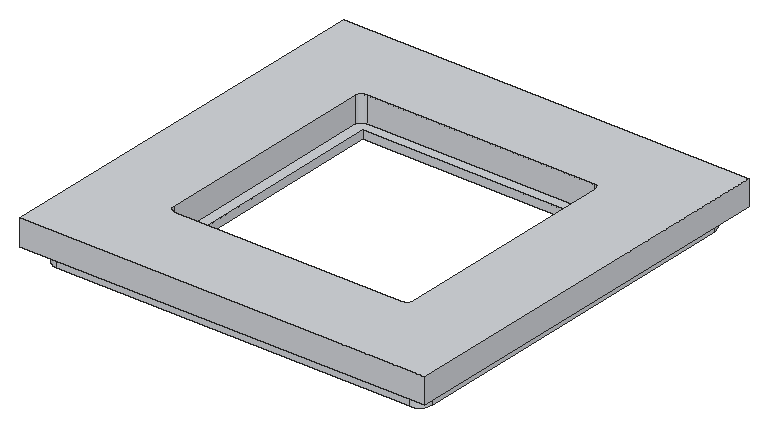
Revit family "Gira_0211223", category Electrical Fixtures, host Face, Revit 2017
Family settings
  Host = Face
  Maintain Annotation Orientation = No
  Round Connector Dimension = Use Diameter
  Part Type = Normal
  Cut with Voids When Loaded = No
  Shared = No
  Room Calculation Point = No
Parameters (values of type "Abdeckrahmen 1f Gira Esprit Lin.Mpx.Dklbraun")
  Werkstoffgüte = "sonstige"
  Werkstoff = "sonstige"
  URL = "http://katalog.gira.de/de_DE/datenblatt.html?artikelnr=0211223"
  Transparent = "No"
  Textfeld/Beschriftungsfläche = "No"
  Schutzart (IP) = "IP20"
  Region = "DE"
  Oberfläche = "sonstige"
  Name = "Abdeckrahmen 1f Gira Esprit Lin.Mpx.Dklbraun"
  Montagerichtung = "horizontal und vertikal"
  Mit Montagerahmen = "No"
  Mit Klappdeckel = "No"
  Manufacturer URL = "https://www.gira.de/"
  Keynote = "Espr._Rahmen_1fach"
  HeinzeBIM = "https://bimportal.heinze.de/bim/abdeckrahmen-1f-gira-esprit-lin-mpx-dklbraun/6e3c5174b9d216a2fca2580175dc1bd2c256d30f"
  Halogenfrei = "No"
  HAN = "0211223"
  Geeignet für Unterputz-Installation = "Yes"
  Geeignet für Unterflurkanaldose = "No"
  Geeignet für Geräteeinbaukanal = "No"
  Geeignet für Einbauinstallation = "No"
  GTIN = "4010337015932"
  Farbe = "sonstige"
  Default Elevation = 1219.2 mm
  Data sheet (1) = "https://katalog.gira.de/de_DE/download.html?artikelnr=0211223"
  Category = "Abdeckrahmen"
  Befestigungsart = "Klemmbefestigung"
  Available = "Yes"
  Anzahl der Einheiten vertikal = "1 "
  Anzahl der Einheiten horizontal = "1 "
  Anzahl der Einheiten = "1 "
Reference planes
  plane 1 "Center (Front/Back)": y = 0
  plane 2: z = 0
  plane 3 "Center (Left/Right)": x = 0
Forms (mm)
  Extrusion 1, solid, detail levels fine
    sketch origin (0, 0, 0) x (1, 0, 0) y (0, 1, 0)
      loop
        line (-47.5, 47.5) -> (-47.5, -47.5) -> (47.5, -47.5) -> (47.5, 47.5) -> (-47.5, 47.5)
      loop
        arc (-28.2, -26.7) -> (-27.761, -27.761) -> (-26.7, -28.2) r 1.5
        line (-26.7, -28.2) -> (26.7, -28.2)
        arc (26.7, -28.2) -> (27.761, -27.761) -> (28.2, -26.7) r 1.5
        line (28.2, -26.7) -> (28.2, 26.7)
        arc (28.2, 26.7) -> (27.761, 27.761) -> (26.7, 28.2) r 1.5
        line (26.7, 28.2) -> (-26.7, 28.2)
        arc (-26.7, 28.2) -> (-27.761, 27.761) -> (-28.2, 26.7) r 1.5
        line (-28.2, 26.7) -> (-28.2, -26.7)
    from 0 to 6
  Extrusion 2, solid, detail levels fine
    sketch origin (0, 0, 0) x (1, 0, 0) y (0, 1, 0)
      loop
        line (-25.7, -25.7) -> (25.7, -25.7) -> (25.7, 25.7) -> (-25.7, 25.7) -> (-25.7, -25.7)
      loop
        arc (-43.1, -41.3) -> (-42.573, -42.573) -> (-41.3, -43.1) r 1.8
        line (-41.3, -43.1) -> (41.3, -43.1)
        arc (41.3, -43.1) -> (42.573, -42.573) -> (43.1, -41.3) r 1.8
        line (43.1, -41.3) -> (43.1, 41.3)
        arc (43.1, 41.3) -> (42.573, 42.573) -> (41.3, 43.1) r 1.8
        line (41.3, 43.1) -> (-41.3, 43.1)
        arc (-41.3, 43.1) -> (-42.573, 42.573) -> (-43.1, 41.3) r 1.8
        line (-43.1, 41.3) -> (-43.1, -41.3)
    from -1.9 to 0
  Extrusion 3, solid, detail levels fine
    sketch origin (0, 0, 0) x (1, 0, 0) y (0, 1, 0)
      loop
        arc (-41.4, 44.4) -> (-43.521, 43.521) -> (-44.4, 41.4) r 3
        line (-44.4, 41.4) -> (-44.4, -41.4)
        arc (-44.4, -41.4) -> (-43.521, -43.521) -> (-41.4, -44.4) r 3
        line (-41.4, -44.4) -> (41.4, -44.4)
        arc (41.4, -44.4) -> (43.521, -43.521) -> (44.4, -41.4) r 3
        line (44.4, -41.4) -> (44.4, 41.4)
        arc (44.4, 41.4) -> (43.521, 43.521) -> (41.4, 44.4) r 3
        line (41.4, 44.4) -> (-41.4, 44.4)
      loop
        line (-43.1, 41.3) -> (-43.1, -41.3)
        arc (-43.1, -41.3) -> (-42.573, -42.573) -> (-41.3, -43.1) r 1.8
        line (-41.3, -43.1) -> (41.3, -43.1)
        arc (41.3, -43.1) -> (42.573, -42.573) -> (43.1, -41.3) r 1.8
        line (43.1, -41.3) -> (43.1, 41.3)
        arc (43.1, 41.3) -> (42.573, 42.573) -> (41.3, 43.1) r 1.8
        line (41.3, 43.1) -> (-41.3, 43.1)
        arc (-41.3, 43.1) -> (-42.573, 42.573) -> (-43.1, 41.3) r 1.8
    from -3.7 to 0
  Extrusion 4, solid, detail levels medium
    sketch origin (0, 0, 0) x (1, 0, 0) y (0, 1, 0)
      loop
        line (-47.5, 47.5) -> (-47.5, -47.5) -> (47.5, -47.5) -> (47.5, 47.5) -> (-47.5, 47.5)
    from 0 to 6
  Extrusion 5, solid, detail levels medium
    sketch origin (0, 0, 0) x (1, 0, 0) y (0, 1, 0)
      loop
        line (-44.4, 44.4) -> (-44.4, -44.4) -> (44.4, -44.4) -> (44.4, 44.4) -> (-44.4, 44.4)
    from -3.7 to 0
  Extrusion 6, solid, detail levels coarse
    sketch origin (0, 0, 0) x (1, 0, 0) y (0, 1, 0)
      loop
        line (-47.5, 47.5) -> (-47.5, -47.5) -> (47.5, -47.5) -> (47.5, 47.5) -> (-47.5, 47.5)
    from -3.7 to 6
Dimensions and locks
  aligned and locked: plane 2 to host face
  aligned and locked: level to host face
